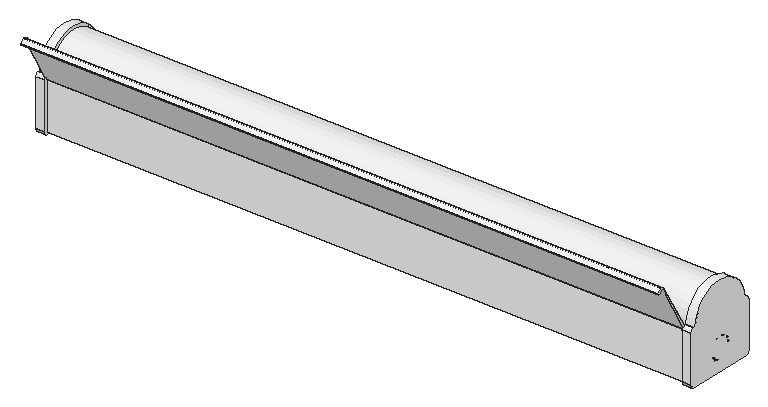
Revit family "0045170+0045232 Feilo Sylvania Lighting Fixture SYLBATTEN LED1 NW TP3 with ASYMMETRIC REFLECTOR ACCESSORY 600MM", category Lighting Fixtures, host Face, Revit 2017
Family settings
  Host = Face
  Round Connector Dimension = Use Diameter
  Part Type = Normal
  OmniClass Number = 23.80.70.00
  OmniClass Title = Lighting
  Cut with Voids When Loaded = No
  Light Source = Yes
  Shared = No
  Room Calculation Point = No
Parameters (values of type "0045170 SYLBATTEN LED1 NW TP3")
  Width_FEILO = 66 mm
  Weight = "1.244 kg"
  Wattage Comments = "n/a"
  Wattage = 11 W
  WarrantyStartDate [instance] = "n/a"
  WarrantyGuarantorParts = "n/a"
  WarrantyDurationUnit = "n/a"
  WarrantyDurationParts = "n/a"
  WarrantyDescription = "n/a"
  built-in parameter 1150110 = 1 (stored number, unit not read)
  Voltage = 230 V
  URL = "http://www.sylvania-lighting.com"
  TypeName = "SYLBATTEN LED1 NW TP3"
  Type Image = <None>
  Type Comments = "n/a"
  built-in parameter 1114217 = 1 (stored number, unit not read)
  Tilt Angle = -90.00°
  built-in parameter 1150109 = 1 (stored number, unit not read)
  built-in parameter 1150134 = 12
  SymReflector_FEILO = no
  built-in parameter 1150113 = 1 (stored number, unit not read)
  SerialNumber [instance] = "n/a"
  PowerFactor = 0
  PowerConsumption = "11 W"
  Photometric Web File = "0045170+0045232.ies"
  NominalLength = 605 mm
  NominalHeight = 91 mm
  NominalDepth = 122 mm
  Name = "SYLBATTEN LED1 NW TP3"
  ModelReference = Name  # "SYLBATTEN LED1 NW TP3"
  ModelNumber = "0045170"
  Model = Name  # "SYLBATTEN LED1 NW TP3"
  Material_4_FEILO = Reflector-Sylvania-Sylbatten-White
  Material_3_FEILO = Diffuser-Sylvania-Sylbatten-Glow
  Material_2_FEILO = Body-Sylvania-Sylbatten-White
  Material_1_FEILO = Body-Sylvania-Sylbatten-White
  Material = "sheet steel housing, polycarbonate diffuser"
  ManufacturerName = "Feilo Sylvania"
  Manufacturer = "Feilo Sylvania"
  LuminousEfficacy = "105.2 lm/W"
  built-in parameter 1150105 = 92.148 (stored number, unit not read)
  Lumens = 1157.97 lm
  LuminaireType = ""
  built-in parameter 1150115 = 1 (stored number, unit not read)
  LightOutputRatio = "100"
  built-in parameter 1150137 = (empty or 0)
  built-in parameter 1150139 = (empty or 0)
  Length_FEILO = 605 mm
  LampsType = Lamp  # "LED"
  LampNominalLuminous = "1158 lm"
  LampMacAdamStep = "n/a"
  LampColourTemperature = "4000 K"
  LampColourRenderingIndex = "80"
  built-in parameter 1150112 = 1 (stored number, unit not read)
  built-in parameter 1150114 = 1 (stored number, unit not read)
  Lamp = "LED"
  Keynote = "16500"
  InstallationDate [instance] = "n/a"
  InputVoltage = "220-240V~"
  InputNominalFrequency = "n/a"
  built-in parameter 1150132 = (empty or 0)
  built-in parameter 1150102 = (empty or 0)
  built-in parameter 1150107 = 4000 (stored number, unit not read)
  built-in parameter 1150138 = (empty or 0)
  IngressProtection = "IP20"
  ImpactProtectionIndex = "IK07"
  built-in parameter 1150106 = 0.92148 (stored number, unit not read)
  IfcExportType = "IfcLightFixtureType"
  IfcExportAs = "IfcLightFixtureType"
  Height_FEILO = 76 mm
  ExpectedLife = 50000
  Emit from Rectangle Width = Length_FEILO - 16 mm  # 589 mm
  Emit from Rectangle Length = Width_FEILO - 40 mm  # 26 mm
  Emit Shape Visible in Rendering = no
  ElectricShockClassification = "Class I"
  built-in parameter 1150104 = 9.7799 (stored number, unit not read)
  DurationUnit = "hours"
  DocumentationLiterature = "http://www.sylvania-lighting.com/product/en-int/products/0045170"
  DimmingControlOptions = "n/a"
  Dimming Lamp Color Temperature Shift = <None>
  Description = "LED batten, T8 replacement, ease of installation through 2 part push-in design of the housing (safety cable included), through wiring capability (TP3 = 3 core), sheet steel, 1158LM, 11W, 105lm/W, 4000K, drive current: 350mA, CRI 80, 138° wide beam angle, electronic driver (non dimmable), IP20, IK07, 50,000 hrs (L70), (LxWxH) 605x66x76mm, 5 step MacAdam ellipse, 1.8kg, white RAL9016, Class 1, 220-240V, energy class: A++, A+, A."
  Default Elevation = 1219.2 mm
  CreatedOn = "1/25/2018"
  CreatedBy = ""
  Cost = 0
  Color Filter = 16777215
  built-in parameter 1114216 [instance] = (empty or 0)
  ClassificationValue = "EF_70_80"
  ClassificationName = "Uniclass2015"
  CapOffset_FEILO = 2 mm
  BarCode [instance] = "n/a"
  built-in parameter 1114218 = 1 (stored number, unit not read)
  BackReflector_FEILO = and(not(AsymReflector_FEILO), SymReflector_FEILO)  # no
  built-in parameter 1150133 = 10 (stored number, unit not read)
  FrontReflector_FEILO = or(AsymReflector_FEILO, SymReflector_FEILO)  # yes
  AsymReflector_FEILO = yes
  AssetType = "Fixed"
  AssetIdentifier [instance] = "n/a"
  Assembly Code = "D5020200"
  Apparent Load = 11 VA
Reference planes
  plane 1 "Center (Front/Back)": y = 0
  plane 2: z = 0
  plane 3 "Center (Left/Right)": x = 0
  plane 4: x = 302.5
  plane 5: x = -302.5
  plane 6: y = 33
  plane 7: y = -33
  plane 8: z = 76
  plane 9: z = 47
  plane 10: y = -29
  plane 11: y = 29
  plane 12: z = 20
  plane 13: z = 74
  plane 14: y = -31
  plane 15: y = -27
  plane 16: y = 27
  plane 17: y = 31
  plane 18: z = 2
  plane 19: x = -294.5
  plane 20: x = 294.5
  plane 21: z = 49
  plane 22: y = 1
  plane 23: y = -1
  plane 24: z = 21
  plane 25: z = 19
  plane 26: y = -61
  plane 27: y = 61
  plane 28: y = -56
  plane 29: y = 56
  plane 30: z = 91
  plane 31: z = 88
Forms (mm)
  Extrusion 1, solid, material "Body-Sylvania-Sylbatten-White" <- "Material_2_FEILO"
    sketch origin (0, 0, 0) x (0, 1, 0) y (0, 0, 1)
      loop
        line (-31, 2) -> (31, 2) -> (31, 45)
        arc (31, 45) -> (30.414, 46.414) -> (29, 47) r 2
        line (29, 47) -> (27, 47)
        arc (27, 47) -> (0, 74) -> (-27, 47) r 27
        line (-27, 47) -> (-29, 47)
        arc (-29, 47) -> (-30.414, 46.414) -> (-31, 45) r 2
        line (-31, 45) -> (-31, 2)
    from -294.5 to 294.5
  Extrusion 2, solid, material "Body-Sylvania-Sylbatten-White" <- "Material_2_FEILO"
    sketch origin (302.5, 1524, 1219.2) x (0, 1, 0) y (0, 0, 1)
      loop
        arc (-1494, -1219.2) -> (-1491.879, -1218.321) -> (-1491, -1216.2) r 3
        line (-1491, -1216.2) -> (-1491, -1173.2)
        arc (-1491, -1173.2) -> (-1491.879, -1171.079) -> (-1494, -1170.2) r 3
        line (-1494, -1170.2) -> (-1495.069, -1170.2)
        arc (-1495.069, -1170.2) -> (-1524, -1143.2) -> (-1552.931, -1170.2) r 29
        line (-1552.931, -1170.2) -> (-1554, -1170.2)
        arc (-1554, -1170.2) -> (-1556.121, -1171.079) -> (-1557, -1173.2) r 3
        line (-1557, -1173.2) -> (-1557, -1216.2)
        arc (-1557, -1216.2) -> (-1556.121, -1218.321) -> (-1554, -1219.2) r 3
        line (-1554, -1219.2) -> (-1494, -1219.2)
      loop
        arc (-1525, -1189.25) -> (-1531.071, -1192.129) -> (-1533.95, -1198.2) r 10
        line (-1533.95, -1198.2) -> (-1532.944, -1198.2)
        arc (-1532.944, -1198.2) -> (-1530.364, -1192.836) -> (-1525, -1190.256) r 9
        line (-1525, -1190.256) -> (-1525, -1189.25)
      loop
        arc (-1523, -1190.256) -> (-1517.636, -1192.836) -> (-1515.056, -1198.2) r 9
        line (-1515.056, -1198.2) -> (-1514.05, -1198.2)
        arc (-1514.05, -1198.2) -> (-1516.929, -1192.129) -> (-1523, -1189.25) r 10
        line (-1523, -1189.25) -> (-1523, -1190.256)
      loop
        line (-1532.944, -1200.2) -> (-1533.95, -1200.2)
        arc (-1533.95, -1200.2) -> (-1531.071, -1206.271) -> (-1525, -1209.15) r 10
        line (-1525, -1209.15) -> (-1525, -1208.144)
        arc (-1525, -1208.144) -> (-1530.364, -1205.564) -> (-1532.944, -1200.2) r 9
      loop
        arc (-1515.056, -1200.2) -> (-1517.636, -1205.564) -> (-1523, -1208.144) r 9
        line (-1523, -1208.144) -> (-1523, -1209.15)
        arc (-1523, -1209.15) -> (-1516.929, -1206.271) -> (-1514.05, -1200.2) r 10
        line (-1514.05, -1200.2) -> (-1515.056, -1200.2)
    from 0 to -8
  Extrusion 3, solid, material "Body-Sylvania-Sylbatten-White" <- "Material_2_FEILO"
    sketch origin (-302.5, 1524, 1219.2) x (0, 1, 0) y (0, 0, 1)
      loop
        arc (-1495.069, -1170.2) -> (-1524, -1143.2) -> (-1552.931, -1170.2) r 29
        line (-1552.931, -1170.2) -> (-1554, -1170.2)
        arc (-1554, -1170.2) -> (-1556.121, -1171.079) -> (-1557, -1173.2) r 3
        line (-1557, -1173.2) -> (-1557, -1216.2)
        arc (-1557, -1216.2) -> (-1556.121, -1218.321) -> (-1554, -1219.2) r 3
        line (-1554, -1219.2) -> (-1494, -1219.2)
        arc (-1494, -1219.2) -> (-1491.879, -1218.321) -> (-1491, -1216.2) r 3
        line (-1491, -1216.2) -> (-1491, -1173.2)
        arc (-1491, -1173.2) -> (-1491.879, -1171.079) -> (-1494, -1170.2) r 3
        line (-1494, -1170.2) -> (-1495.069, -1170.2)
      loop
        line (-1533.95, -1198.2) -> (-1532.944, -1198.2)
        arc (-1532.944, -1198.2) -> (-1530.364, -1192.836) -> (-1525, -1190.256) r 9
        line (-1525, -1190.256) -> (-1525, -1189.25)
        arc (-1525, -1189.25) -> (-1531.071, -1192.129) -> (-1533.95, -1198.2) r 10
      loop
        line (-1523, -1189.25) -> (-1523, -1190.256)
        arc (-1523, -1190.256) -> (-1517.636, -1192.836) -> (-1515.056, -1198.2) r 9
        line (-1515.056, -1198.2) -> (-1514.05, -1198.2)
        arc (-1514.05, -1198.2) -> (-1516.929, -1192.129) -> (-1523, -1189.25) r 10
      loop
        line (-1514.05, -1200.2) -> (-1515.056, -1200.2)
        arc (-1515.056, -1200.2) -> (-1517.636, -1205.564) -> (-1523, -1208.144) r 9
        line (-1523, -1208.144) -> (-1523, -1209.15)
        arc (-1523, -1209.15) -> (-1516.929, -1206.271) -> (-1514.05, -1200.2) r 10
      loop
        line (-1525, -1209.15) -> (-1525, -1208.144)
        arc (-1525, -1208.144) -> (-1530.364, -1205.564) -> (-1532.944, -1200.2) r 9
        line (-1532.944, -1200.2) -> (-1533.95, -1200.2)
        arc (-1533.95, -1200.2) -> (-1531.071, -1206.271) -> (-1525, -1209.15) r 10
    from 0 to 8
  Extrusion 4, solid, material "Reflector-Sylvania-Sylbatten-White" <- "Material_4_FEILO", visible <- "FrontReflector_FEILO"
    sketch origin (0, 0, 0) x (0, 1, 0) y (0, 0, 1)
      loop
        line (-61.257, 88.429) -> (-60.743, 87.571) -> (-56.621, 90.044)
        arc (-56.621, 90.044) -> (-56.237, 90.099) -> (-55.929, 89.863) r 0.5
        line (-55.929, 89.863) -> (-31.435, 46.753) -> (-30.565, 47.247) -> (-55.312, 90.802)
        arc (-55.312, 90.802) -> (-55.928, 91.275) -> (-56.696, 91.165) r 1
        line (-56.696, 91.165) -> (-61.257, 88.429)
    from -294.5 to 294.5
  Extrusion 5, solid, material "Reflector-Sylvania-Sylbatten-White" <- "Material_4_FEILO", visible <- "BackReflector_FEILO"
    sketch origin (0, 0, 0) x (0, 1, 0) y (0, 0, 1)
      loop
        line (30.565, 47.247) -> (31.435, 46.753) -> (55.932, 89.868)
        arc (55.932, 89.868) -> (56.245, 90.112) -> (56.638, 90.062) r 0.518
        line (56.638, 90.062) -> (61.033, 87.565) -> (61.527, 88.435) -> (56.682, 91.188)
        arc (56.682, 91.188) -> (55.922, 91.282) -> (55.318, 90.812) r 1
        line (55.318, 90.812) -> (30.565, 47.247)
    from -294.5 to 294.5
Lines and regions (mm)
  reference lines
    curve 1: line (0, -61, 88) -> (0, -56, 91)
    curve 2: line (0, -56, 91) -> (0, -31, 47)
    curve 3: line (0, 31, 47) -> (0, 56, 91)
    curve 4: line (0, 56, 91) -> (0, 61.28, 88)
Dimensions and locks
  equal spacing: plane 5, plane 3 "Center (Left/Right)", plane 4
  equal spacing: plane 7, plane 1 "Center (Front/Back)", plane 6
  "Width_FEILO": plane 7 to plane 6
  "Length_FEILO": plane 5 to plane 4
  "Height_FEILO": plane 8 to plane 2
  locked: plane 9 to plane 8 at 29
  equal spacing: plane 10, plane 1 "Center (Front/Back)", plane 11
  locked: plane 7 to plane 10 at 4
  locked: plane 12 to plane 2 at 20
  "CapOffset_FEILO": plane 13 to plane 8
  "CapOffset_FEILO": plane 7 to plane 14
  "CapOffset_FEILO": plane 10 to plane 15
  "CapOffset_FEILO": plane 17 to plane 6
  "CapOffset_FEILO": plane 16 to plane 11
  "CapOffset_FEILO": plane 18 to plane 2
  locked: plane 14 to Extrusion 1 sketch curve at 2
  locked: Extrusion 1 sketch curve to plane 9 at 2  (x2)
  locked: plane 16 to Extrusion 1 sketch curve at 2
  equal spacing: plane 19, plane 3 "Center (Left/Right)", plane 20
  locked: plane 5 to plane 19 at 8
  "CapOffset_FEILO": plane 9 to plane 21
  locked: Extrusion 2 sketch curve to plane 2 at 47
  locked: Extrusion 1 sketch curve to plane 2 at 47
  locked: Extrusion 2 sketch curve to plane 2 at 3  (x2)
  locked: plane 7 to Extrusion 2 sketch curve at 3  (x2)
  locked: Extrusion 2 sketch curve to plane 6 at 3  (x2)
  locked: Extrusion 2 sketch curve to plane 21 at 3  (x2)
  equal spacing: plane 23, plane 1 "Center (Front/Back)", plane 22
  equal spacing: plane 25, plane 12, plane 24
  plane 30 to plane 31 to plane 2 = 3 mm locked, 88 mm locked
  plane 28 to plane 29 = 112 mm
  plane 26 to plane 27 = 122 mm
  aligned and locked: plane 2 to host face
  aligned and locked: level to host face
  aligned and locked: plane 18 to Extrusion 1 sketch curve
  aligned and locked: plane 14 to Extrusion 1 sketch curve
  aligned and locked: Extrusion 1 sketch curve to plane 9  (x2)
  aligned and locked: Extrusion 1 sketch curve to plane 17
  aligned and locked: plane 15 to Extrusion 1 sketch curve
  aligned and locked: plane 16 to Extrusion 1 sketch curve
  aligned and locked: plane 9 to Extrusion 1 sketch curve
  aligned and locked: plane 20 to Extrusion 1
  aligned and locked: level to Extrusion 2 sketch curve
  aligned and locked: Extrusion 2 sketch curve to plane 7
  aligned and locked: plane 21 to Extrusion 2 sketch curve
  aligned and locked: Extrusion 2 sketch curve to plane 21
  aligned and locked: plane 1 "Center (Front/Back)" to Extrusion 2 sketch curve  (x3)
  aligned and locked: Extrusion 2 to Extrusion 1
  aligned and locked: plane 4 to Extrusion 2
  aligned and locked: plane 12 to Extrusion 2 sketch curve  (x2)
  aligned and locked: Extrusion 2 sketch curve to plane 22
  aligned and locked: Extrusion 2 sketch curve to plane 23
  aligned and locked: Extrusion 2 sketch curve to plane 24
  aligned and locked: Extrusion 2 sketch curve to plane 25
  aligned and locked: plane 25 to Extrusion 2 sketch curve
  aligned and locked: plane 22 to Extrusion 2 sketch curve
  aligned and locked: plane 24 to Extrusion 2 sketch curve
  aligned and locked: plane 23 to Extrusion 2 sketch curve  (x2)
  aligned and locked: Extrusion 3 sketch curve to Extrusion 2  (x22)
  aligned and locked: Extrusion 3 to Extrusion 1
  aligned and locked: Extrusion 3 to plane 5
  aligned and locked: plane 19 to Extrusion 3
  aligned and locked: plane 31 to curve 1
  aligned and locked: plane 30 to curve 1
  aligned and locked: plane 14 to curve 2
  aligned and locked: plane 9 to curve 2
  aligned and locked: plane 17 to curve 3
  aligned and locked: plane 30 to curve 3
  aligned and locked: plane 31 to curve 4
  aligned and locked: Extrusion 4 sketch curve to curve 2
  aligned and locked: Extrusion 4 sketch curve to curve 1
  aligned and locked: Extrusion 4 to Extrusion 1
  aligned and locked: Extrusion 1 to Extrusion 4
  aligned and locked: imposter light to plane 1 "Center (Front/Back)"
  aligned and locked: imposter light to plane 3 "Center (Left/Right)"
  aligned and locked: imposter light to plane 13
  aligned and locked: Extrusion 5 sketch curve to curve 4
  aligned and locked: Extrusion 5 sketch curve to curve 3
  aligned and locked: Extrusion 1 to Extrusion 5
  aligned and locked: Extrusion 5 to Extrusion 1
Automatic sketch dimensions
  host sketch curve to host sketch curve = 2438.4 mm  (x2)
  Extrusion 2 sketch curve to Extrusion 2 sketch curve = 0 mm  (x14)
  Extrusion 2 sketch curve to plane 10 = 0.069 mm
  plane 23 to Extrusion 2 sketch curve = 8.95 mm
  Extrusion 2 sketch curve to Extrusion 2 sketch curve = 1.006 mm  (x4)
  Extrusion 2 sketch curve to plane 22 = 7.944 mm
  curve 1 to plane 26 = 0 mm
  curve 2 to plane 28 = 0 mm
  curve 4 to plane 29 = 0 mm
  plane 9 to curve 3 = 0 mm
  plane 26 to Extrusion 4 sketch curve = 0.257 mm
  Extrusion 4 sketch curve to plane 26 = 0.257 mm
  Extrusion 4 sketch curve to plane 30 = 0.165 mm
  plane 28 to Extrusion 4 sketch curve = 0.696 mm
  plane 28 to Extrusion 4 sketch curve = 0.621 mm
  plane 28 to Extrusion 4 sketch curve = 0.364 mm
  plane 28 to Extrusion 4 sketch curve = 0.182 mm
  Extrusion 4 sketch curve to plane 28 = 0.071 mm
  plane 30 to Extrusion 4 sketch curve = 0.198 mm
  Extrusion 4 sketch curve to plane 28 = 0.688 mm
  plane 9 to Extrusion 4 sketch curve = 0.247 mm
  plane 1 "Center (Front/Back)" to Extrusion 4 sketch curve = 31.435 mm
  Extrusion 5 sketch curve to plane 9 = 0.247 mm
  Extrusion 5 sketch curve to plane 1 "Center (Front/Back)" = 30.565 mm
  plane 9 to Extrusion 5 sketch curve = 0.247 mm
  plane 30 to Extrusion 5 sketch curve = 0.188 mm
  plane 29 to Extrusion 5 sketch curve = 0.068 mm
  Extrusion 5 sketch curve to plane 29 = 0.188 mm
  Extrusion 5 sketch curve to plane 29 = 0.382 mm
  Extrusion 5 sketch curve to Extrusion 5 sketch curve = 0.256 mm
  Extrusion 5 sketch curve to plane 30 = 0.188 mm
  Extrusion 5 sketch curve to plane 29 = 0.682 mm
  Extrusion 5 sketch curve to plane 27 = 0.033 mm
  Extrusion 5 sketch curve to plane 27 = 0.527 mm
Connectors
  electrical at (0, 0, 0), driven by "Apparent Load", driven by "PowerFactor", driven by "Voltage"
    settings: index 1, voltage 230 V, apparent load 11 VA, apparent load phase1 0 VA, apparent load phase2 0 VA, apparent load phase3 0 VA, power factor 0, load classification "Lighting", number of poles 1, system type 30, power factor state 1, is connector primary yes, connector utility no, sub classification motor no, connector description ""
